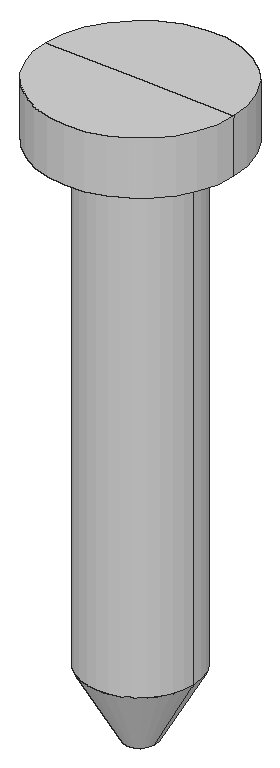
Revit family "EV_PIN 8x30_1857135", category Generic Models, Revit 2018
Family settings
  Can host rebar = No
  Round Connector Dimension = Use Diameter
  Part Type = Normal
  OmniClass Number = 35.51.14.00
  OmniClass Title = FORMWORK
  Work Plane-Based = Yes
  Always vertical = No
  Cut with Voids When Loaded = No
  Shared = Yes
  Room Calculation Point = No
Parameters
  VERSION = "20170217"  # constant formula
  URL = "www.ulmaconstruction.com/en"
  UNICLASS = ""
  Manufacturer = "ULMA CONSTRUCTION"  # constant formula
  ITEM_CODE = "1857135"
  FILTER [instance] = ""
  Default Elevation = 0.000 mm
  CLASSIFICATION_TITLE = ""
  CLASSIFICATION_NUMBER = ""
Reference planes
  plane 1 "Centro (Frontal/Posterior)": y = 0
  plane 2: z = 0
  plane 3 "Centro (Izquierda/Derecha)": x = 0
  plane 4 "HOLE": z = -30
Forms (mm)
  Revolve 1, solid, material "ULMA ZINC"
    sketch origin (0, 0, 0) x (0, 0, -1) y (1, 0, 0)
      loop
        line (-4, 7) -> (-4, 0) -> (40, 0) -> (40, 1.113) -> (35, 4) -> (0, 4) -> (0, 7) -> (-4, 7)
      axis (-4, 0) -> (40, 0)
    angle from 0 to 360
Dimensions and locks
  aligned and locked: level to plane 2
